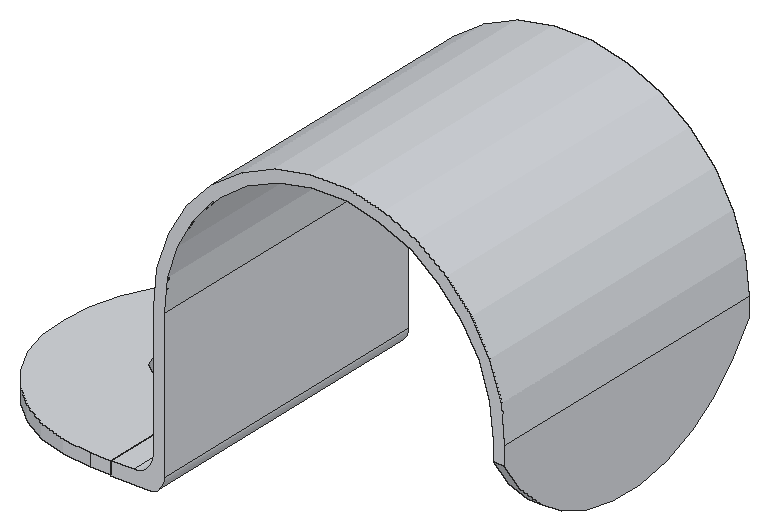
Revit family "HS1G", category Generic Models, Revit 2017
Family settings
  Can host rebar = No
  Round Connector Dimension = Use Diameter
  Part Type = Normal
  Work Plane-Based = Yes
  Always vertical = No
  Cut with Voids When Loaded = No
  Shared = No
  Room Calculation Point = No
Parameters (values of type "NBS Standard Parameters")
  Weight = "0.0233Kg"
  WarrantyStartDate [instance] = "1900-12-31T23:59:59"
  WarrantyGuarantorParts = "n/a"
  WarrantyGuarantorLabor = "n/a"
  WarrantyDurationUnit = "1 year"
  WarrantyDurationParts = "n/a"
  WarrantyDurationLabor = "n/a"
  WarrantyDescription = "n/a"
  Version = "1"
  Uniclass2 = "Pr_65_70_11_20"
  TagNumber [instance] = "n/a"
  SustainabilityPerformance = "n/a"
  Size = "20mm"
  Shape = "n/a"
  SerialNumber [instance] = "n/a"
  Revision = "n/a"
  ReplacementCost = "n/a"
  ProductInformation = "www.metpro.co.uk/pdf/hs1g.pdf"
  NominalWidth = 19.2 mm
  NominalLength = 40 mm
  NominalHeight = 23 mm
  Name = ""
  NBSTypeID = ""
  NBSReference = "90-55-10/460"
  NBSOfficeMasterTag = ""
  NBSNote = ""
  NBSDescription = "Conduit Fittings"
  NBSCertification = ""
  ModelReference = "HS1G"
  ModelNumber = "n/a"
  Material = "Pressed Steel"
  ManufacturerURL = "www.metpro.co.uk"
  ManufacturerName = "Metpro Ltd"
  Keynote = "Complaint to LU Standard 1-085"
  InstallationDate [instance] = "1900-12-31T23:59:59"
  IfcExportType = ""
  IfcExportAs = ""
  Grade = "n/a"
  Finish = "BZP"
  Features = "n/a"
  ExpectedLife = "n/a"
  DurationUnit = "year"
  Description = "HS1G  20mm Half Saddle"
  Default Elevation = 1219.2 mm
  Constituents = "n/a"
  Color = "n/a"
  CodePerformance = "n/a"
  Category = "n/a"
  BarCode [instance] = "n/a"
  BIMObjectName = "Metpro_Metprolibrary_Conduitfittings_Metalcomponents_Steelaccessories"
  Author = "Metpro limited"
  AssetType = ""
  AssetIdentifier [instance] = "n/a"
  AccessibilityPerformance = "n/a"
Reference planes
  plane 1 "Center (Front/Back)": y = 0
  plane 2: z = 0
  plane 3 "Center (Left/Right)": x = 0
Forms (mm)
  Extrusion 1, solid
    sketch origin (0, 9.664, 9.01) x (1, 0, 0) y (0, 0, 1)
      loop
        line (10, 1.094) -> (10, -7.931) -> (10.708, -6.937) -> (10.708, 1.094)
        arc (10.708, 1.094) -> (0, 11.801) -> (-10.708, 1.094) r 10.708
        line (-10.708, 1.094) -> (-10.708, -6.919)
        arc (-10.708, -6.919) -> (-11.064, -7.78) -> (-11.925, -8.137) r 1.217
        line (-11.925, -8.137) -> (-13.292, -8.137) -> (-13.292, -8.953) -> (-11.048, -8.953)
        arc (-11.048, -8.953) -> (-10.307, -8.646) -> (-10, -7.906) r 1.048
        line (-10, -7.906) -> (-10, 1.094)
        arc (-10, 1.094) -> (0, 11.094) -> (10, 1.094) r 10
    from 0 to 18.5
  Extrusion 2, solid
    sketch origin (10.708, 9.664, 0.874) x (1, 0, 0) y (0, 1, 0)
      loop
        line (-25.246, -18.5) -> (-24, -18.5) -> (-24, 0) -> (-25.263, 0)
        arc (-25.263, 0) -> (-31.707, -2.723) -> (-34.246, -9.241) r 8.987
        arc (-34.246, -9.241) -> (-31.702, -15.772) -> (-25.246, -18.5) r 9.004
      loop
        circle (-27.059, -9.237) r 1.585
    from 0 to -0.8
  Extrusion 3, void
    sketch origin (10.708, 9.664, 9.01) x (0, 0, 1) y (0, 1, 0)
      loop
        arc (-0.043, -18.5) -> (-5.577, -9.25) -> (-0.043, 0) r 10.497
        line (-0.043, 0) -> (-0.043, 2.274) -> (-11.147, 2.274) -> (-11.147, -20.948) -> (-0.043, -20.948) -> (-0.043, -18.5)
    from 0 to 1
Cuts and joins
  Extrusion 3 cuts Extrusion 1
  Extrusion 3 cuts Extrusion 2
Dimensions and locks
  aligned and locked: level to plane 2
